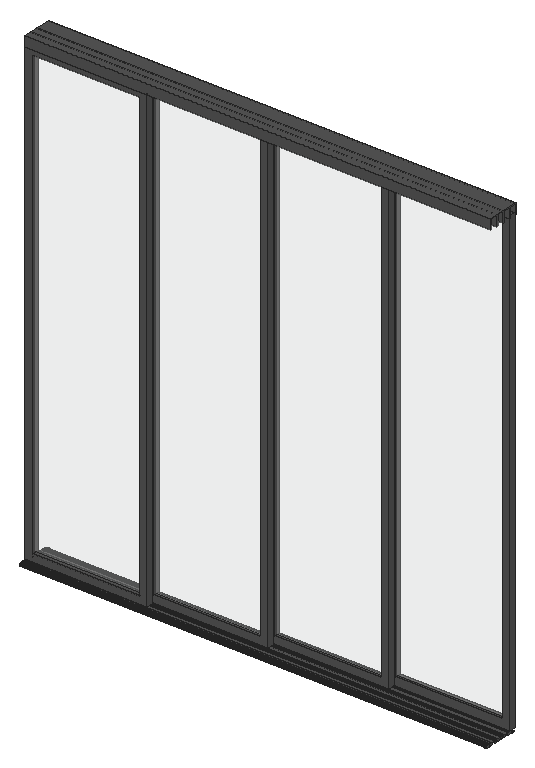
Revit family "Door_FTS RD_The Sliding Door Company_1.5F 4-Panel Quad Track (Recessed Upper)", category Doors, host Wall, Revit 2019 (continued)
Automatic sketch dimensions
  plane 30 "4" to Extrusion 29 sketch curve = 1"
  Extrusion 30 sketch curve to plane 9 "2" = 0"
  Extrusion 30 sketch curve to plane 28 = 0"
  Extrusion 30 sketch curve to plane 26 = 0"
  Extrusion 30 sketch curve to plane 8 = 0"
  plane 29 to Extrusion 30 sketch curve = 0"
  plane 27 to Extrusion 30 sketch curve = 0"
  plane 8 to Extrusion 30 sketch curve = 1 1/2"
  plane 30 "4" to Extrusion 30 sketch curve = 1"
  plane 26 to Extrusion 31 sketch curve = 0"
  plane 29 to Extrusion 31 sketch curve = 0"
  plane 8 to Extrusion 31 sketch curve = 1 1/2"
  plane 30 "4" to Extrusion 31 sketch curve = 1"
  Extrusion 32 sketch curve to plane 6 = 0"
  Extrusion 32 sketch curve to plane 28 = 0"
  Extrusion 32 sketch curve to plane 9 "2" = 0"
  Extrusion 32 sketch curve to plane 8 = 0"
  plane 6 to Extrusion 32 sketch curve = 1 1/2"
  plane 29 to Extrusion 32 sketch curve = 0"
  plane 8 to Extrusion 32 sketch curve = 1 1/2"
  plane 30 "4" to Extrusion 32 sketch curve = 1"
  plane 28 to Extrusion 33 sketch curve = 0"
  plane 6 to Extrusion 33 sketch curve = 1 1/2"
  plane 8 to Extrusion 33 sketch curve = 1 1/2"
  plane 30 "4" to Extrusion 33 sketch curve = 1"
  Extrusion 34 sketch curve to plane 6 = 0"
  Extrusion 34 sketch curve to plane 28 = 0"
  Extrusion 34 sketch curve to plane 9 "2" = 0"
  Extrusion 34 sketch curve to plane 8 = 0"
  plane 6 to Extrusion 34 sketch curve = 1 1/2"
  plane 29 to Extrusion 34 sketch curve = 0"
  plane 8 to Extrusion 34 sketch curve = 1 1/2"
  plane 30 "4" to Extrusion 34 sketch curve = 1"
  plane 28 to Extrusion 35 sketch curve = 0"
  plane 6 to Extrusion 35 sketch curve = 1 1/2"
  plane 8 to Extrusion 35 sketch curve = 1 1/2"
  plane 30 "4" to Extrusion 35 sketch curve = 1"
  Extrusion 36 sketch curve to plane 6 = 0"
  Extrusion 36 sketch curve to plane 28 = 0"
  Extrusion 36 sketch curve to plane 9 "2" = 0"
  Extrusion 36 sketch curve to plane 8 = 0"
  plane 6 to Extrusion 36 sketch curve = 1 1/2"
  plane 29 to Extrusion 36 sketch curve = 0"
  plane 8 to Extrusion 36 sketch curve = 1 1/2"
  plane 30 "4" to Extrusion 36 sketch curve = 1"
  plane 28 to Extrusion 37 sketch curve = 0"
  plane 6 to Extrusion 37 sketch curve = 1 1/2"
  plane 8 to Extrusion 37 sketch curve = 1 1/2"
  plane 30 "4" to Extrusion 37 sketch curve = 1"
  Extrusion 38 sketch curve to plane 6 = 0"
  Extrusion 38 sketch curve to plane 28 = 0"
  Extrusion 38 sketch curve to plane 9 "2" = 0"
  Extrusion 38 sketch curve to plane 8 = 0"
  plane 6 to Extrusion 38 sketch curve = 1 1/2"
  plane 29 to Extrusion 38 sketch curve = 0"
  plane 8 to Extrusion 38 sketch curve = 1 1/2"
  plane 30 "4" to Extrusion 38 sketch curve = 1"
  plane 28 to Extrusion 39 sketch curve = 0"
  plane 6 to Extrusion 39 sketch curve = 1 1/2"
  plane 8 to Extrusion 39 sketch curve = 1 1/2"
  plane 30 "4" to Extrusion 39 sketch curve = 1"
  Extrusion 40 sketch curve to plane 6 = 0"
  Extrusion 40 sketch curve to plane 28 = 0"
  Extrusion 40 sketch curve to plane 9 "2" = 0"
  Extrusion 40 sketch curve to plane 8 = 0"
  plane 6 to Extrusion 40 sketch curve = 1 1/2"
  plane 29 to Extrusion 40 sketch curve = 0"
  plane 8 to Extrusion 40 sketch curve = 1 1/2"
  plane 30 "4" to Extrusion 40 sketch curve = 1"
  plane 28 to Extrusion 41 sketch curve = 0"
  plane 6 to Extrusion 41 sketch curve = 1 1/2"
  plane 8 to Extrusion 41 sketch curve = 1 1/2"
  plane 30 "4" to Extrusion 41 sketch curve = 1"
  Extrusion 42 sketch curve to Extrusion 42 sketch curve = 0"  (x18)
  Extrusion 42 sketch curve to level = 0"  (x4)
  level to Extrusion 42 sketch curve = 0.2716"
  Extrusion 42 sketch curve to host wall = 2.27023"
  Extrusion 42 sketch curve to Extrusion 42 sketch curve = 0.01985"  (x3)
  Extrusion 42 sketch curve to Extrusion 42 sketch curve = 0.03284"  (x4)
  Extrusion 42 sketch curve to Extrusion 42 sketch curve = 0.03107"  (x11)
  Extrusion 42 sketch curve to Extrusion 42 sketch curve = 0.0373"
  Extrusion 42 sketch curve to Extrusion 42 sketch curve = 0.05716"  (x11)
  Extrusion 42 sketch curve to Extrusion 42 sketch curve = 0.07246"  (x5)
  Extrusion 42 sketch curve to Extrusion 42 sketch curve = 0.05956"  (x8)
  Extrusion 42 sketch curve to Extrusion 42 sketch curve = 0.04963"  (x8)
  Extrusion 42 sketch curve to host wall = 3.05932"
  level to Extrusion 42 sketch curve = 0.05951"  (x8)
  Extrusion 42 sketch curve to Extrusion 42 sketch curve = 0.7804"  (x2)
  level to Extrusion 42 sketch curve = 0.28786"  (x2)
  Extrusion 42 sketch curve to Extrusion 42 sketch curve = 0.37719"  (x2)
  host wall to Extrusion 42 sketch curve = 0.44717"
  Extrusion 42 sketch curve to host wall = 0.01825"
  level to Extrusion 42 sketch curve = 0.05956"
  level to Extrusion 42 sketch curve = 0.14951"
  level to Extrusion 42 sketch curve = 0.10965"
  Extrusion 42 sketch curve to Extrusion 42 sketch curve = 0.01299"
  Extrusion 42 sketch curve to Extrusion 42 sketch curve = 0.0501"  (x4)
  Extrusion 42 sketch curve to Extrusion 42 sketch curve = 0.00005"  (x4)
  Extrusion 42 sketch curve to Extrusion 42 sketch curve = 0.03182"  (x2)
  Extrusion 42 sketch curve to Extrusion 42 sketch curve = 0.03986"  (x3)
  Extrusion 42 sketch curve to Extrusion 42 sketch curve = 0.09532"  (x2)
  Extrusion 42 sketch curve to Extrusion 42 sketch curve = 0.05547"  (x2)
  Extrusion 42 sketch curve to Extrusion 42 sketch curve = 0.06662"
  Extrusion 42 sketch curve to Extrusion 42 sketch curve = 0.08276"  (x2)
  Extrusion 42 sketch curve to Extrusion 42 sketch curve = 0.00012"  (x4)
  Extrusion 42 sketch curve to Extrusion 42 sketch curve = 0.03266"  (x2)
  Extrusion 42 sketch curve to Extrusion 42 sketch curve = 0.24475"
  Extrusion 42 sketch curve to Extrusion 42 sketch curve = 0.09928"  (x2)
  Extrusion 42 sketch curve to Extrusion 42 sketch curve = 0.03876"  (x2)
  Extrusion 42 sketch curve to Extrusion 42 sketch curve = 0.03877"  (x2)
  Extrusion 42 sketch curve to Extrusion 42 sketch curve = 0.05866"  (x3)
  Extrusion 43 sketch curve to level = 0"
  level to Extrusion 43 sketch curve = 0.05951"
  Extrusion 43 sketch curve to host wall = 2.33414"
  Extrusion 43 sketch curve to Extrusion 43 sketch curve = 0.03107"  (x2)
  Extrusion 43 sketch curve to Extrusion 43 sketch curve = 0.03284"  (x2)
  Extrusion 43 sketch curve to Extrusion 43 sketch curve = 0.0267"
  Extrusion 43 sketch curve to plane 8 = 0.25516"
  Extrusion 43 sketch curve to Extrusion 43 sketch curve = 0.01493"
  Extrusion 43 sketch curve to Extrusion 43 sketch curve = 0.05797"
  Extrusion 43 sketch curve to plane 8 = 0.29544"
  Extrusion 43 sketch curve to Extrusion 43 sketch curve = 0.06757"
  level to Extrusion 43 sketch curve = 0.29822"
  Extrusion 43 sketch curve to Extrusion 43 sketch curve = 0.00385"  (x3)
  level to Extrusion 43 sketch curve = 0.30422"
  level to Extrusion 43 sketch curve = 0.26165"
  Extrusion 43 sketch curve to Extrusion 43 sketch curve = 0.08869"
  level to Extrusion 43 sketch curve = 0.23031"
  level to Extrusion 43 sketch curve = 0.23632"
  level to Extrusion 43 sketch curve = 0.19332"
  Extrusion 43 sketch curve to Extrusion 43 sketch curve = 0.08957"
  level to Extrusion 43 sketch curve = 0.16199"
  level to Extrusion 43 sketch curve = 0.16799"
  level to Extrusion 43 sketch curve = 0.05198"
  Extrusion 43 sketch curve to Extrusion 43 sketch curve = 0.05788"
  Extrusion 43 sketch curve to Extrusion 43 sketch curve = 0.05"
  Extrusion 43 sketch curve to Extrusion 43 sketch curve = 0.00926"
  Extrusion 43 sketch curve to Extrusion 43 sketch curve = 0.03222"
  Extrusion 43 sketch curve to Extrusion 43 sketch curve = 0.05632"
  Extrusion 43 sketch curve to Extrusion 43 sketch curve = 0.03266"
  Extrusion 43 sketch curve to Extrusion 43 sketch curve = 0.06422"
  Extrusion 43 sketch curve to Extrusion 43 sketch curve = 0.03182"
  Extrusion 43 sketch curve to Extrusion 43 sketch curve = 0.03276"
